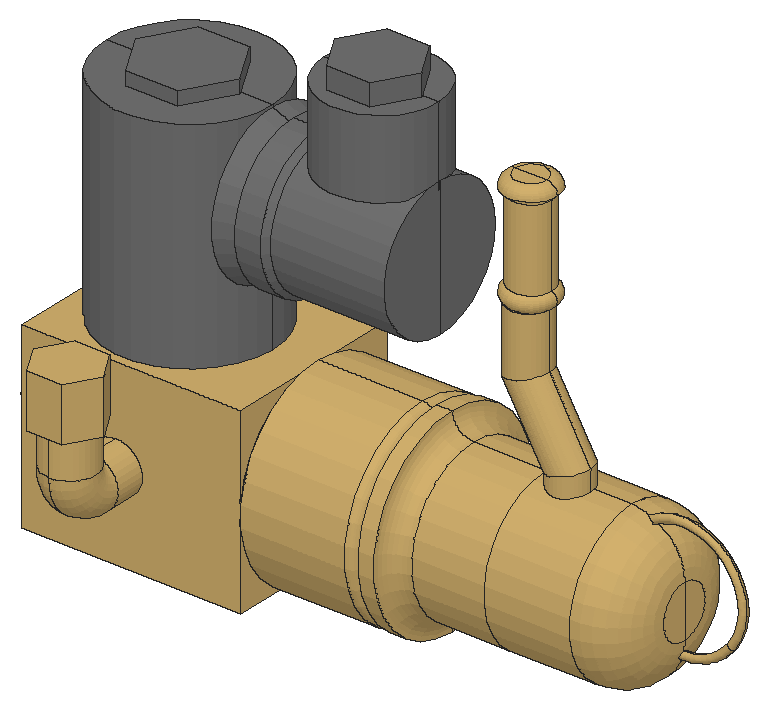
Revit family "Selector Valve Solenoid Actuator With Manual Release-JCI_Sapphire_Plus-(70 bar)Novec1230", category Specialty Equipment, Revit 2017
Family settings
  Round Connector Dimension = Use Diameter
  Part Type = Normal
  OmniClass Number = 23.29.33.13.11
  Work Plane-Based = No
  Always vertical = No
  Cut with Voids When Loaded = No
  Shared = No
  Room Calculation Point = No
Parameters (values of type "Selector Valve Solenoid Actuator with Manual Release 6mm")
  Width [instance] = 71.67 mm  # constant formula
  Weight = 0.55 lbf  # constant formula
  Use Annotation Scale [instance] = 0
  URL = "http://www.sapphireplus.com"
  Product Page URL = "http://www.sapphireplus.com"
  Product Material = "JCI - Brass - Soft - Yellow - Satin; JCI - Rubber - Black- Matte"  # constant formula
  Product Documentation Link = "http://www.sapphireplus.com"
  Pipe Diameter [instance] = 6.00 mm  # constant formula
  Part Number [instance] = "448384"  # constant formula
  Part Description [instance] = "Selector Valve Solenoid Actuator With Manual Release"  # constant formula
  Operating Temperature = 122 °F
  Model Disclaimer = "For More Information Contact  JOHNSON CONTROLS"  # constant formula
  Model = "448384"  # constant formula
  Materials = JCI - Rubber - Black- Matte
  Manufacturer = "Johnson Controls, Inc."  # constant formula
  Solenoid Valve Material = JCI - Brass - Soft - Yellow - Satin
  Height [instance] = 56.64 mm  # constant formula
  Fire Suppression Agent = "3M NOVEC 1230 Fire Protection Fluid"  # constant formula
  Family Version = "1.0"  # constant formula
  Equipment Number [instance] = "XXX"
  Equipment Abbreviation = "--"  # constant formula
  Discharge Flow = 0 GPM
  Diameter [instance] = 6.00 mm  # constant formula
  Description = "Selector Valve Solenoid Actuator With Manual Release"  # constant formula
  Date Modified = "YYYY/MM/DD"  # constant formula
  Date Created = "2018/09/17"  # constant formula
  Copyright © = "Copyright © 2001-2018 Johnson Controls Inc."  # constant formula
Reference planes
  plane 1 "Center (Front/Back)": y = 0
  plane 2: z = 0
  plane 3 "Center (Left/Right)": x = 0
  plane 4 "Connector": x = -31.506
  plane 5 "connector": x = -25.506
  plane 6 "Burst Disc Width": y = 10.518
  plane 7 "Burst Disc width": y = -10.518
  plane 8 "Dowty Seal Height": z = 21.896
  plane 9 "Manual Release Length": x = -14.104
  plane 10 "Dowty Seal Mid Height": z = 11.39
  plane 11: y = 0.039
  plane 12: y = 0.155
  plane 13 "Manual Release Mid Height": z = 38.247
  plane 14: through (-16.494, -4572, 46.018) normal (-0.414, 0, -0.9103)
  plane 15: y = 0.156
  plane 16: y = 0
  plane 17: z = 10.943
  plane 18: y = -17.336
  plane 19: z = 8.045
  plane 20: y = 17.336
  plane 21 "Burst Disc Mid width": y = 0.156
  plane 22: x = -0.286
  plane 23 "Lower Height": z = 0.883
  plane 24: z = 47.117
  plane 25: x = -38.13
  plane 26: z = 26.901
  plane 27: x = -18.909
  plane 28: through (-16.494, -4571.687, 45.862) normal (-0.414, 0, -0.9103)
  plane 29: z = 46.649
  plane 30: through (-13.506, -4571.687, 46.649) normal (0.7071, 0, 0.7071)
  plane 31: z = 45.192
  plane 32: x = 0.312
  plane 33: z = 38.091
  plane 34: z = 54.205
  plane 35: x = -12.909
  plane 36: z = 45.192
  plane 37: x = -6.299
  plane 38 "Manual Release hook": x = 10.818
  plane 39: through (10.818, -4572, 30.293) normal (0.8657, 0, 0.5006)
  plane 40: x = 15.628
  plane 41: y = 5.039
  plane 42: through (-31.506, 5.039, 1219.2) normal (0.866, -0.5001, 0)
  plane 43: through (-34.506, -0.156, 1219.2) normal (0.866, 0.5, 0)
  plane 44: y = -5.352
  plane 45: through (-25.506, -5.352, 1219.2) normal (-0.866, 0.5, 0)
  plane 46: through (-22.506, -0.156, 1219.2) normal (-0.866, -0.5001, 0)
  plane 47: y = 4.174
  plane 48: through (-9.033, 4.174, 1219.2) normal (0.866, -0.5, 0)
  plane 49: through (-1.533, -0.156, 1219.2) normal (-0.866, -0.5, 0)
  plane 50: through (-11.533, -0.156, 1219.2) normal (0.866, 0.5, 0)
  plane 51: through (-4.033, -4.486, 1219.2) normal (-0.866, 0.5, 0)
  plane 52: y = -4.486
  plane 53: y = 20.992
  plane 54: through (-30.527, 20.992, 1219.2) normal (0.866, -0.5, 0)
  plane 55: through (-24.465, 17.492, 1219.2) normal (-0.866, -0.5, 0)
  plane 56: through (-32.548, 17.492, 1219.2) normal (0.866, 0.5, 0)
  plane 57: through (-26.486, 13.992, 1219.2) normal (-0.866, 0.5, 0)
  plane 58: y = 13.992
  plane 59: y = -13.868
  plane 60: through (-30.527, -13.868, 1219.2) normal (0.866, -0.5, 0)
  plane 61: through (-24.465, -17.368, 1219.2) normal (-0.866, -0.5, 0)
  plane 62: through (-32.548, -17.368, 1219.2) normal (0.866, 0.5, 0)
  plane 63: through (-26.486, -20.868, 1219.2) normal (-0.866, 0.5, 0)
  plane 64: y = -20.868
  plane 65: z = 24.794
  plane 66 "Connector Height": z = 18.553
  plane 67 "Male Connection diameter": x = -24.465
  plane 68 "Connector stud": x = -26.486
  plane 69 "Connector Stud": x = -30.527
  plane 70: x = -32.548
  plane 71 "Bleed Valve Width": x = -43.154
  plane 72 "Selector Valve Height": z = 56.64
  plane 73 "Solenoid Valve Height": z = 48.629
  plane 74: x = -1.533
Forms (mm)
  Extrusion 1, solid, material "JCI - Brass - Soft - Yellow - Satin" <- "Solenoid Valve Material"
    sketch origin (0, 0, 0.156) x (0, 1, 0) y (0, 0, 1)
      loop
        line (10.518, 21.74) -> (-10.518, 21.74) -> (-10.518, 0.727) -> (10.518, 0.727) -> (10.518, 21.74)
    from -14.104 to -39.325
  Revolve 2, solid, material "JCI - Brass - Soft - Yellow - Satin" <- "Solenoid Valve Material"
    sketch origin (-73.569, 0.039, 0) x (-1, 0, 0) y (0, 0, 1)
      loop
        line (-59.465, 22.104) -> (-60.063, 22.727) -> (-72.063, 22.727)
        arc (-72.063, 22.727) -> (-72.926, 22.37) -> (-73.283, 21.506) r 1.221
        line (-73.283, 21.506) -> (-73.283, 11.39) -> (-59.465, 11.39) -> (-59.465, 22.104)
      axis (-59.465, 11.39) -> (-73.283, 11.39)
    angle from 0 to 360
  Revolve 3, solid, material "JCI - Brass - Soft - Yellow - Satin" <- "Solenoid Valve Material"
    sketch origin (-73.569, 0.155, 0) x (-1, 0, 0) y (0, 0, 1)
      loop
        line (-73.566, 22.805) -> (-75.358, 22.805)
        arc (-75.358, 22.805) -> (-76.065, 21.097) -> (-77.773, 20.39) r 2.416
        line (-77.773, 20.39) -> (-86.189, 20.39) -> (-96.085, 20.39)
        arc (-96.085, 20.39) -> (-100.332, 18.636) -> (-102.085, 14.39) r 5.986
        line (-102.085, 14.39) -> (-102.085, 11.39) -> (-73.566, 11.39) -> (-73.566, 22.805)
      axis (-73.566, 11.39) -> (-102.085, 11.39)
    angle from 0 to 360
  Revolve 4, solid, material "JCI - Rubber - Black- Matte" <- "Materials"
    sketch origin (-73.569, 0.14, 0) x (-1, 0, 0) y (0, 0, 1)
      loop
        line (-35.439, 47.117) -> (-45.05, 47.117) -> (-45.05, 21.842) -> (-35.439, 21.842) -> (-35.439, 47.117)
      axis (-45.05, 21.842) -> (-45.05, 47.117)
    angle from 0 to 360
  Revolve 5, solid, material "JCI - Rubber - Black- Matte" <- "Materials"
    sketch origin (-73.569, 0.156, -0.156) x (-1, 0, 0) y (0, 0, 1)
      loop
        line (-73.881, 46.208) -> (-60.66, 46.208) -> (-60.063, 46.805) -> (-57.076, 46.805) -> (-57.076, 46.018) -> (-54.66, 47.117) -> (-54.66, 38.247) -> (-73.881, 38.247) -> (-73.881, 46.052)
      axis (-54.66, 38.247) -> (-73.881, 38.247)
    angle from 0 to 360
  Revolve 6, solid, material "JCI - Rubber - Black- Matte" <- "Materials"
    sketch origin (-73.569, 0, -1.016) x (-1, 0, 0) y (0, 0, 1)
      loop
        line (-60.66, 55.221) -> (-67.27, 55.221) -> (-67.27, 46.208) -> (-60.66, 46.208) -> (-60.66, 55.221)
      axis (-67.27, 46.208) -> (-67.27, 55.221)
    angle from 0 to 360
  Sweep 7, solid, material "JCI - Brass - Soft - Yellow - Satin" <- "Solenoid Valve Material"
    path origin (-28.519, 0.391, 2.812) x (0, -1, 0) y (0, 0, 1)
      loop
        line (10.909, 8.131) -> (14.372, 8.131)
        arc (14.372, 8.131) -> (16.634, 9.068) -> (17.572, 11.331) r 3.2
        line (17.572, 11.331) -> (17.572, 15.74)
    profile origin (-28.519, -17.181, 16.348) x (0, -1, 0) y (1, 0, 0)
      loop
        circle (0, 0) r 3
  Sweep 8, solid, material "JCI - Brass - Soft - Yellow - Satin" <- "Solenoid Valve Material"
    path origin (-28.506, -0.391, -0.085) x (0, 1, 0) y (0, 0, 1)
      loop
        line (10.909, 8.131) -> (14.682, 8.131)
        arc (14.682, 8.131) -> (16.945, 9.068) -> (17.882, 11.331) r 3.2
        line (17.882, 11.331) -> (17.882, 15.74)
    profile origin (-28.506, 17.491, 13.45) x (0, -1, 0) y (1, 0, 0)
      loop
        circle (0, 0) r 3
  Sweep 9, solid, material "JCI - Brass - Soft - Yellow - Satin" <- "Solenoid Valve Material"
    path in 3D
      loop
        arc (28.15, 0.155, 6.896) -> (31.464, 0.155, 7.594) -> (34.046, 0.155, 9.785) r 6.894
        arc (34.046, 0.155, 9.785) -> (33.449, 0.155, 18.512) -> (24.773, 0.155, 19.629) r 6.894
    profile origin (33.449, 0.155, 18.512) x (0.727918, 0, 0.685664) y (0, 1, 0)
      loop
        circle (0, 0) r 0.45
  Revolve 10, solid, material "JCI - Brass - Soft - Yellow - Satin" <- "Solenoid Valve Material"
    sketch origin (-73.569, 0.156, 0) x (-1, 0, 0) y (0, 0, 1)
      loop
        line (-81.985, 39.169) -> (-81.985, 48.571)
        arc (-81.985, 48.571) -> (-81.802, 49.012) -> (-81.361, 49.195) r 0.623
        arc (-81.361, 49.195) -> (-81.719, 50.058) -> (-82.582, 50.416) r 1.221
        line (-82.582, 50.416) -> (-84.387, 50.416) -> (-84.387, 37.351) -> (-81.985, 37.351)
        arc (-81.985, 37.351) -> (-81.4, 38.26) -> (-81.985, 39.169) r 0.999
      axis (-84.387, 37.351) -> (-84.387, 50.416)
    angle from 0 to 360
  Sweep 11, solid, material "JCI - Brass - Soft - Yellow - Satin" <- "Solenoid Valve Material"
    path in 3D
      loop
        line (10.818, -0.159, 37.351) -> (10.818, -0.159, 30.293) -> (15.628, -0.159, 21.975) -> (15.628, -0.159, 18.659)
    profile origin (13.223, -0.159, 26.134) x (-0.865695, 0, -0.500572) y (0, 1, 0)
      loop
        circle (0, 0) r 2.4
  Extrusion 12, solid, material "JCI - Brass - Soft - Yellow - Satin" <- "Solenoid Valve Material"
    sketch origin (0, 0, 0) x (0, 1, 0) y (0, 0, 1)
      loop
        line (-6, 11.39) -> (-3, 6.194) -> (3, 6.194) -> (6, 11.39) -> (3, 16.586) -> (-3, 16.586) -> (-6, 11.39)
    from -43.154 to -39.325
  Extrusion 13, solid, material "JCI - Rubber - Black- Matte" <- "Materials"
    sketch origin (2.291, 185.835, 51.149) x (1, 0, 0) y (0, 1, 0)
      loop
        line (-27.797, -191.187) -> (-24.797, -185.991) -> (-27.798, -180.795) -> (-33.797, -180.795) -> (-36.797, -185.991) -> (-33.797, -191.187) -> (-27.797, -191.187)
    from -4.032 to -2.52
  Extrusion 14, solid, material "JCI - Rubber - Black- Matte" <- "Materials"
    sketch origin (2.043, 185.835, 51.149) x (1, 0, 0) y (0, 1, 0)
      loop
        line (-6.076, -181.661) -> (-11.076, -181.661) -> (-13.576, -185.991) -> (-11.076, -190.321) -> (-6.076, -190.321) -> (-3.576, -185.991) -> (-6.076, -181.661)
    from 3.056 to 5.491
  Extrusion 15, solid, material "JCI - Brass - Soft - Yellow - Satin" <- "Solenoid Valve Material"
    sketch origin (2.278, 185.835, 51.149) x (1, 0, 0) y (0, 1, 0)
      loop
        line (-32.805, -164.842) -> (-34.826, -168.342) -> (-32.805, -171.842) -> (-28.763, -171.842) -> (-26.743, -168.342) -> (-28.763, -164.842) -> (-32.805, -164.842)
    from -35.494 to -29.253
  Extrusion 16, solid, material "JCI - Brass - Soft - Yellow - Satin" <- "Solenoid Valve Material"
    sketch origin (2.278, 150.974, 54.047) x (1, 0, 0) y (0, 1, 0)
      loop
        line (-32.805, -164.842) -> (-34.826, -168.342) -> (-32.805, -171.842) -> (-28.763, -171.842) -> (-26.743, -168.342) -> (-28.763, -164.842) -> (-32.805, -164.842)
    from -35.494 to -29.253
Lines and regions (mm)
  model lines
    curve 1: line (-0.286, 9.281, 11.39) -> (-14.104, 9.281, 11.39)
    curve 2: arc (0, 0.155, -0.026) -> (0, 11.571, 11.39) -> (0, 0.155, 22.805) r 11.415
    curve 3: arc (0, 0.155, 22.805) -> (0, -11.26, 11.39) -> (0, 0.155, -0.026) r 11.415
    curve 4: arc (0, 0.155, 2.39) -> (0, 9.155, 11.39) -> (0, 0.155, 20.39) r 9
    curve 5: arc (0, 0.155, 20.39) -> (0, -8.845, 11.39) -> (0, 0.155, 2.39) r 9
    curve 6: line (-28.519, 9.281, 47.117) -> (-28.519, 9.281, 21.896)
    curve 12: line (-28.217, -10.518, 11.39) -> (-28.217, -13.943, 11.39)
    curve 13: line (-28.217, -17.368, 15.319) -> (-28.217, -17.368, 18.553)
    curve 14: arc (-28.217, -17.368, 15.319) -> (-28.217, -16.369, 12.733) -> (-28.217, -13.943, 11.39) r 4.064
    curve 15: arc (34.286, 0, 10) -> (33.553, 0, 18.867) -> (24.688, 0, 19.628) r 6.894
    curve 16: arc (34.286, 0, 10) -> (31.704, 0, 7.809) -> (28.39, 0, 7.111) r 6.894
    curve 17: line (4.208, 0, 20.077) -> (12.623, 0, 20.077)
    curve 18: line (12.623, 0, 20.077) -> (20.706, 0, 20.077)
    curve 19: arc (20.706, 0, 20.077) -> (25.792, 0, 18.932) -> (28.051, 0, 14.233) r 5.986
    curve 20: line (28.051, 0, 14.233) -> (28.051, 0, 11.39)
    curve 21: line (28.051, 0, 11.39) -> (0, 0, 11.39)
    curve 22: line (-38.13, -0.156, 46.952) -> (-38.13, -0.156, 21.731)
    curve 23: line (-28.519, -0.156, 46.952) -> (-38.13, -0.156, 46.952)
    curve 24: line (-16.494, -0.156, 45.854) -> (-18.909, -0.156, 46.952)
    curve 25: line (-13.506, -0.156, 46.64) -> (-16.494, -0.156, 46.64)
    curve 26: line (-13.506, -0.156, 46.043) -> (0.312, -0.156, 46.043)
    curve 27: line (-18.909, -0.156, 46.952) -> (-18.909, -0.156, 38.082)
    curve 28: line (-16.494, -0.156, 46.64) -> (-16.494, -0.156, 45.854)
    curve 29: line (-13.506, -0.156, 46.64) -> (-13.506, -0.156, 46.043)
    curve 30: line (0.312, -0.156, 38.082) -> (-18.909, -0.156, 38.082)
    curve 31: line (-12.909, -0.156, 46.043) -> (-6.299, -0.156, 46.043)
    curve 32: line (-38.13, 10.518, 21.896) -> (-28.519, 10.518, 21.896)
  sketch lines
    curve 7: arc (34.046, 0.155, 9.785) -> (33.449, 0.155, 18.512) -> (24.773, 0.155, 19.629) r 6.894
    curve 8: arc (34.046, 0.155, 9.785) -> (31.464, 0.155, 7.594) -> (28.15, 0.155, 6.896) r 6.894
    curve 9: line (10.818, -0.159, 30.293) -> (15.628, -0.159, 21.975)
    curve 10: line (10.818, -0.159, 30.293) -> (10.818, -0.159, 37.351)
    curve 11: line (15.628, -0.159, 21.975) -> (15.628, -0.159, 18.659)
Dimensions and locks
  plane 6 "Burst Disc Width" to plane 1 "Center (Front/Back)" to plane 7 "Burst Disc width" = 10.518 mm locked, 10.518 mm locked
  locked: plane 12 to Sweep 7 sketch curve at 17.336
  locked: Sweep 7 sketch curve to Sweep 7 sketch curve at 4.525
  locked: Sweep 7 sketch curve to level at 10.943
  locked: Sweep 8 sketch curve to Sweep 8 sketch curve at 4.525
  locked: plane 12 to Sweep 8 sketch curve at 17.336
  locked: level to Sweep 8 sketch curve at 8.045
  locked: Revolve 3 sketch curve to Revolve 3 sketch curve at 28.519
  locked: Revolve 2 sketch curve to Revolve 2 sketch curve at 13.818
  locked: Extrusion 1 to plane 3 "Center (Left/Right)" at 39.325
  locked: Revolve 6 sketch curve to plane 3 "Center (Left/Right)" at 12.909
  locked: Revolve 6 sketch curve to level at 54.205
  locked: Revolve 10 sketch curve to level at 50.416
  locked: Revolve 10 sketch curve to Revolve 10 sketch curve at 3.013
  locked: Revolve 10 sketch curve to plane 3 "Center (Left/Right)" at 10.818
  locked: plane 40 to plane 3 "Center (Left/Right)" at 15.628
  equal spacing: Extrusion 13 sketch curve, curve 23, Extrusion 13 sketch curve, locked at 5.196 each
  equal spacing: Extrusion 14 sketch curve, curve 31, Extrusion 14 sketch curve, locked at 4.33 each
  equal spacing: Extrusion 12 sketch curve, plane 10 "Dowty Seal Mid Height", Extrusion 12 sketch curve, locked at 5.196 each
  locked: Revolve 4 sketch curve to Revolve 4 sketch curve at 25.275
  locked: plane 3 "Center (Left/Right)" to Revolve 5 sketch curve at 18.909
  locked: plane 3 "Center (Left/Right)" to plane 74 at 1.533
  "Width": Revolve 3 to plane 71 "Bleed Valve Width"
  "Height": level to plane 72 "Selector Valve Height"
  aligned and locked: level to plane 2
  aligned and locked: plane 8 "Dowty Seal Height" to Extrusion 1 sketch curve
  aligned and locked: Extrusion 1 sketch curve to plane 6 "Burst Disc Width"
  aligned and locked: Extrusion 1 sketch curve to plane 7 "Burst Disc width"
  aligned and locked: plane 8 "Dowty Seal Height" to Extrusion 1
  aligned and locked: plane 9 "Manual Release Length" to Extrusion 1
  aligned and locked: Revolve 2 sketch curve to curve 1
  aligned and locked: Revolve 2 sketch curve to Revolve 2 sketch curve  (x2)
  aligned and locked: plane 11 to Revolve 2  (x3)
  aligned and locked: plane 11 to plane 1 "Center (Front/Back)"
  aligned and locked: Revolve 3 sketch curve to Revolve 3 sketch curve  (x2)
  aligned and locked: curve 2 to Revolve 3
  aligned and locked: curve 3 to Revolve 3
  aligned and locked: curve 4 to Revolve 3
  aligned and locked: curve 5 to Revolve 3
  aligned and locked: plane 12 to Revolve 3
  aligned and locked: plane 12 to curve 5  (x2)
  aligned and locked: plane 12 to curve 3  (x2)
  aligned and locked: plane 12 to plane 1 "Center (Front/Back)"
  aligned and locked: Revolve 4 sketch curve to curve 6
  aligned and locked: Revolve 4 sketch curve to Revolve 4 sketch curve
  aligned and locked: Revolve 5 sketch curve to Revolve 5 sketch curve
  aligned and locked: plane 15 to Revolve 5  (x19)
  aligned and locked: plane 15 to plane 1 "Center (Front/Back)"
  aligned and locked: Revolve 6 sketch curve to Revolve 6 sketch curve
  aligned and locked: plane 16 to Revolve 6
  aligned and locked: plane 16 to plane 1 "Center (Front/Back)"
  aligned and locked: plane 12 to Sweep 9
  aligned and locked: plane 21 "Burst Disc Mid width" to Revolve 10  (x4)
  aligned and locked: plane 15 to plane 21 "Burst Disc Mid width"
  aligned and locked: Extrusion 1 sketch curve to Extrusion 1 sketch curve  (x4)
  aligned and locked: plane 23 "Lower Height" to Extrusion 1
  aligned and locked: plane 24 to Revolve 4 sketch curve
  aligned and locked: plane 25 to Revolve 4 sketch curve
  aligned and locked: plane 27 to Revolve 5 sketch curve
  aligned and locked: plane 28 to Revolve 5 sketch curve
  aligned and locked: plane 29 to Revolve 5 sketch curve
  aligned and locked: plane 30 to Revolve 5 sketch curve
  aligned and locked: plane 31 to Revolve 6
  aligned and locked: plane 32 to Revolve 5 sketch curve
  aligned and locked: plane 33 to Revolve 5 sketch curve
  aligned and locked: plane 36 to Revolve 6 sketch curve
  aligned and locked: plane 37 to Revolve 6 sketch curve
  aligned and locked: Extrusion 12 to Extrusion 1
  aligned and locked: Extrusion 14 to Revolve 6
  aligned and locked: Extrusion 15 to Sweep 8
  aligned and locked: plane 8 "Dowty Seal Height" to Extrusion 15
  aligned and locked: Extrusion 16 to Sweep 7
  aligned and locked: Sweep 11 to Revolve 10 sketch curve  (x2)
  aligned and locked: Revolve 10 sketch curve to Sweep 11
  aligned and locked: plane 38 "Manual Release hook" to curve 10
  aligned and locked: plane 39 to curve 9
  aligned and locked: plane 40 to curve 11
  aligned and locked: plane 42 to Extrusion 13 sketch curve
  aligned and locked: plane 43 to Extrusion 13 sketch curve
  aligned and locked: plane 45 to Extrusion 13 sketch curve
  aligned and locked: plane 46 to Extrusion 13 sketch curve
  aligned and locked: plane 48 to Extrusion 14 sketch curve
  aligned and locked: plane 49 to Extrusion 14 sketch curve
  aligned and locked: plane 50 to Extrusion 14 sketch curve
  aligned and locked: plane 51 to Extrusion 14 sketch curve
  aligned and locked: plane 53 to Extrusion 15 sketch curve
  aligned and locked: plane 54 to Extrusion 15 sketch curve
  aligned and locked: plane 55 to Extrusion 15 sketch curve
  aligned and locked: plane 56 to Extrusion 15 sketch curve
  aligned and locked: plane 57 to Extrusion 15 sketch curve
  aligned and locked: plane 58 to Extrusion 15 sketch curve
  aligned and locked: plane 59 to Extrusion 16 sketch curve
  aligned and locked: plane 60 to Extrusion 16 sketch curve
  aligned and locked: plane 61 to Extrusion 16 sketch curve
  aligned and locked: plane 62 to Extrusion 16 sketch curve
  aligned and locked: plane 63 to Extrusion 16 sketch curve
  aligned and locked: plane 64 to Extrusion 16 sketch curve
  aligned and locked: plane 65 to Extrusion 16
  aligned and locked: plane 66 "Connector Height" to Extrusion 16
  aligned and locked: plane 67 "Male Connection diameter" to Extrusion 16
  aligned and locked: plane 68 "Connector stud" to Extrusion 16
  aligned and locked: plane 69 "Connector Stud" to Extrusion 16
  aligned and locked: plane 70 to Extrusion 16
  aligned and locked: plane 67 "Male Connection diameter" to Extrusion 15
  aligned and locked: plane 68 "Connector stud" to Extrusion 15
  aligned and locked: plane 69 "Connector Stud" to Extrusion 15
  aligned and locked: plane 70 to Extrusion 15
  aligned and locked: Extrusion 13 to plane 4 "Connector"
  aligned and locked: plane 5 "connector" to Extrusion 13
  aligned and locked: plane 71 "Bleed Valve Width" to Extrusion 12
  aligned and locked: plane 72 "Selector Valve Height" to Extrusion 14
  aligned and locked: plane 73 "Solenoid Valve Height" to Extrusion 13
  aligned and locked: Revolve 6 to Revolve 6
  aligned and locked: plane 74 to Extrusion 14
Automatic sketch dimensions
  curve 1 to plane 10 "Dowty Seal Mid Height" = 0.00 mm
  plane 9 "Manual Release Length" to curve 1 = 0.00 mm
  curve 1 to plane 3 "Center (Left/Right)" = 0.286 mm
  curve 6 to plane 8 "Dowty Seal Height" = 0.00 mm
  curve 6 to plane 4 "Connector" = 2.987 mm
  Extrusion 1 sketch curve to plane 23 "Lower Height" = 0.00 mm
  Revolve 2 sketch curve to plane 22 = 0.00 mm  (x2)
  plane 8 "Dowty Seal Height" to Revolve 2 sketch curve = 0.831 mm
  Revolve 2 sketch curve to plane 22 = 1.221 mm
  Revolve 2 sketch curve to plane 9 "Manual Release Length" = 0.597 mm
  plane 8 "Dowty Seal Height" to Revolve 2 sketch curve = 0.208 mm
  Revolve 3 sketch curve to plane 10 "Dowty Seal Mid Height" = 0.00 mm
  Revolve 3 sketch curve to plane 3 "Center (Left/Right)" = 0.004 mm
  Revolve 3 sketch curve to plane 3 "Center (Left/Right)" = 0.00 mm
  plane 10 "Dowty Seal Mid Height" to Revolve 3 sketch curve = 3.014 mm
  Revolve 3 sketch curve to Revolve 3 sketch curve = 5.986 mm
  Revolve 3 sketch curve to plane 8 "Dowty Seal Height" = 1.507 mm
  Revolve 3 sketch curve to Revolve 3 sketch curve = 0.014 mm
  Revolve 3 sketch curve to Revolve 3 sketch curve = 9.896 mm
  plane 8 "Dowty Seal Height" to Revolve 3 sketch curve = 0.909 mm
  Revolve 3 sketch curve to Revolve 3 sketch curve = 4.208 mm
  Revolve 3 sketch curve to Revolve 3 sketch curve = 2.624 mm
  Revolve 4 sketch curve to plane 26 = 0.00 mm
  Revolve 4 sketch curve to plane 24 = 0.00 mm
  plane 32 to Revolve 5 sketch curve = 0.00 mm
  Revolve 5 sketch curve to plane 32 = 0.00 mm
  plane 29 to Revolve 5 sketch curve = 0.597 mm
  plane 9 "Manual Release Length" to Revolve 5 sketch curve = 2.39 mm
  Revolve 5 sketch curve to Revolve 5 sketch curve = 0.156 mm
  Revolve 6 sketch curve to plane 36 = 0.00 mm
  Revolve 6 sketch curve to plane 34 = 0.00 mm
  Sweep 7 sketch curve to plane 7 "Burst Disc width" = 0.00 mm
  plane 8 "Dowty Seal Height" to Sweep 7 sketch curve = 3.343 mm
  Sweep 7 sketch curve to profile plane = 0.00 mm  (x2)
  Sweep 8 sketch curve to plane 6 "Burst Disc Width" = 0.00 mm
  plane 10 "Dowty Seal Mid Height" to Sweep 8 sketch curve = 4.265 mm
  Sweep 8 sketch curve to profile plane = 0.00 mm  (x2)
  Sweep 9 sketch curve to profile plane = 0.00 mm  (x2)
  Revolve 10 sketch curve to Revolve 10 sketch curve = 1.805 mm
  plane 13 "Manual Release Mid Height" to Revolve 10 sketch curve = 0.013 mm
  Revolve 10 sketch curve to Revolve 10 sketch curve = 0.415 mm
  plane 13 "Manual Release Mid Height" to Revolve 10 sketch curve = 0.922 mm
  Revolve 10 sketch curve to Revolve 10 sketch curve = 0.623 mm  (x2)
  Revolve 10 sketch curve to Revolve 10 sketch curve = 0.00 mm  (x2)
  Sweep 11 sketch curve to profile plane = 0.00 mm
  profile plane to Sweep 11 sketch curve = 0.00 mm
  curve 12 to plane 10 "Dowty Seal Mid Height" = 0.00 mm
  curve 12 to plane 7 "Burst Disc width" = 0.00 mm
  curve 14 to plane 7 "Burst Disc width" = 2.787 mm
  curve 12 to curve 12 = 3.425 mm
  curve 13 to curve 14 = 4.063 mm
  plane 10 "Dowty Seal Mid Height" to curve 13 = 3.929 mm
  curve 14 to curve 13 = 3.234 mm
  curve 15 to curve 16 = 0.00 mm
  curve 21 to plane 10 "Dowty Seal Mid Height" = 0.00 mm
  curve 21 to plane 3 "Center (Left/Right)" = 0.00 mm
  curve 18 to plane 8 "Dowty Seal Height" = 1.819 mm
  plane 3 "Center (Left/Right)" to curve 18 = 12.623 mm
  curve 18 to curve 17 = 8.083 mm
  plane 10 "Dowty Seal Mid Height" to curve 19 = 2.858 mm
  curve 19 to curve 18 = 1.359 mm
  curve 20 to curve 19 = 5.986 mm
  curve 15 to curve 19 = 0.619 mm
  curve 16 to curve 19 = 0.234 mm
  plane 3 "Center (Left/Right)" to curve 17 = 4.208 mm
  curve 15 to plane 8 "Dowty Seal Height" = 2.268 mm
  curve 16 to plane 10 "Dowty Seal Mid Height" = 4.279 mm
  curve 16 to plane 10 "Dowty Seal Mid Height" = 1.39 mm
  curve 29 to plane 9 "Manual Release Length" = 0.597 mm
  plane 9 "Manual Release Length" to curve 28 = 2.39 mm
  curve 25 to curve 24 = 2.416 mm
  plane 4 "Connector" to curve 22 = 6.623 mm
  curve 30 to plane 13 "Manual Release Mid Height" = 0.165 mm
  plane 13 "Manual Release Mid Height" to curve 28 = 7.607 mm
  curve 24 to curve 29 = 0.189 mm
  curve 24 to curve 25 = 0.787 mm
  plane 13 "Manual Release Mid Height" to curve 23 = 8.705 mm
  curve 25 to curve 27 = 0.312 mm
  curve 31 to curve 26 = 0.597 mm
  curve 31 to plane 3 "Center (Left/Right)" = 6.299 mm
  plane 3 "Center (Left/Right)" to curve 26 = 0.312 mm
  plane 3 "Center (Left/Right)" to curve 30 = 0.312 mm
  curve 23 to plane 4 "Connector" = 2.987 mm
  curve 22 to plane 8 "Dowty Seal Height" = 0.165 mm
  curve 31 to curve 26 = 0.00 mm
  curve 32 to plane 8 "Dowty Seal Height" = 0.00 mm
  curve 32 to plane 4 "Connector" = 2.987 mm
  plane 4 "Connector" to curve 32 = 6.623 mm
  plane 73 "Solenoid Valve Height" to curve 6 = 1.512 mm
  Extrusion 13 sketch curve to plane 4 "Connector" = 0.00 mm
  Extrusion 14 sketch curve to plane 47 = 0.00 mm
  Extrusion 12 sketch curve to plane 10 "Dowty Seal Mid Height" = 0.00 mm  (x2)
  plane 7 "Burst Disc width" to Extrusion 12 sketch curve = 4.518 mm
  plane 1 "Center (Front/Back)" to Extrusion 12 sketch curve = 3.00 mm  (x2)
  plane 15 to Extrusion 12 sketch curve = 2.844 mm  (x2)
  plane 6 "Burst Disc Width" to Extrusion 12 sketch curve = 4.518 mm
  Extrusion 12 sketch curve to plane 10 "Dowty Seal Mid Height" = 5.196 mm
  radius of Sweep 7 sketch curve = 3.00 mm
  radius of Sweep 8 sketch curve = 3.00 mm
  radius of Sweep 9 sketch curve = 0.45 mm
  radius of Sweep 11 sketch curve = 2.40 mm
Connectors
  piping at (-28.503, 17.175, 21.896), diameter 6, driven by "Pipe Diameter"
    settings: on Extrusion 15, index 3, connector inside diameter 24", connector length 0.00 mm, flow factor 0, pipe flow 0 GPM, pressure drop 0.00 psi, fitting loss kfactor 0, connector angle 0.00°, fixture units 0, engagement length 0.00 mm, angle of deflection 0.00°, flow configuration 0, flow direction 0, fitting loss method 0, system type 7, joint type 0, gender type 0, connector reference index -1, connector utility 0, adjustable connector no, is connector primary yes, connector description ""
  piping at (-28.506, -17.368, 24.794), diameter 6, driven by "Pipe Diameter"
    settings: on Extrusion 16, index 4, connector inside diameter 24", connector length 0.00 mm, flow factor 0, pipe flow 0 GPM, pressure drop 0.00 psi, fitting loss kfactor 0, connector angle 0.00°, fixture units 0, engagement length 0.00 mm, angle of deflection 0.00°, flow configuration 0, flow direction 0, fitting loss method 0, system type 7, joint type 0, gender type 0, connector reference index -1, connector utility 0, adjustable connector no, is connector primary no, connector description ""
